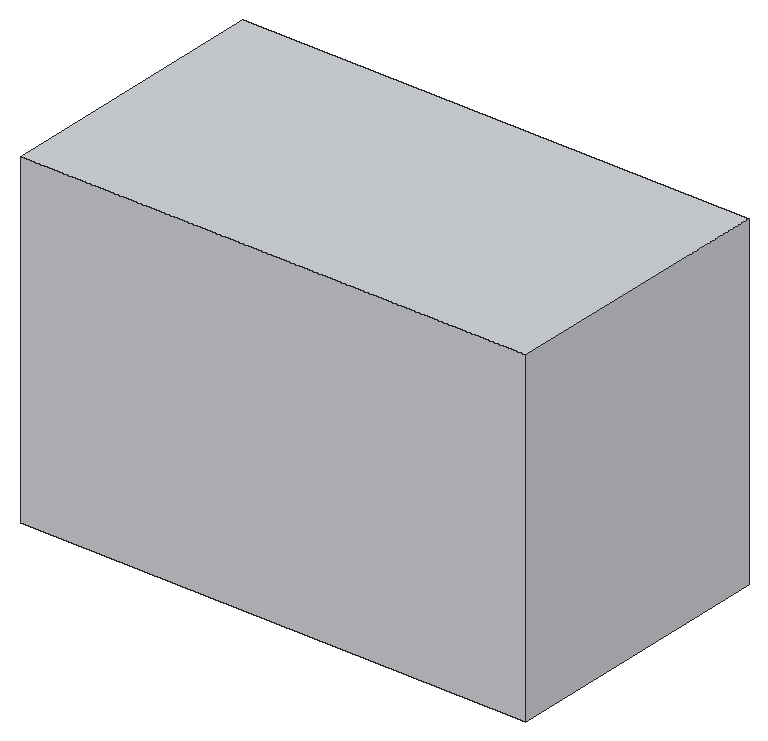
Revit family "CVC_CTA_VIM_CAD-HR-OPTIMAL-C4", category Equipement de génie climatique, Revit 2026
Family settings
  Cote de connecteur circulaire = Utiliser le diamètre
  Type d'élément = Normal
  Basée sur le plan de construction = Non
  Toujours verticalement = Oui
  Couper avec des vides une fois chargée = Non
  Conserver l'orientation des annotations = Non
  Partagée = Non
  Repère de localisation dans la pièce = Non
Parameters (values of type "CTA 4 - aile Sud zone fermée")
  Source = "CCTP lot 12 § 4.10"
  Modèle = "CAD HR OPTIMAL C4"
  Fabricant = "VIM"
  Elévation par défaut = 0 mm
  Description = "CTA double flux superposée, toiture, change-over"
  Caractéristiques CCTP = "1 170 m3/h"
  A vérifier = "Dimensions approximatives (2000x1100x1300 mm) : prendre la fiche VIM"
Types (4, lengths in mm): name | Caractéristiques CCTP
  CTA 1 - aile Nord zone ouverte | "2 520 m3/h"
  CTA 2 - aile Sud zone ouverte | "2 330 m3/h"
  CTA 3 - aile Nord zone fermée | "1 170 m3/h"
  CTA 4 - aile Sud zone fermée | "1 170 m3/h"
Reference planes
  plane 1 "Centre (avant/arrière)": y = 0
  plane 2: z = 0
  plane 3 "Centre (gauche/droite)": x = 0
Forms (mm)
  Extrusion 1, solid
    sketch origin (0, 0, 0) x (1, 0, 0) y (0, 1, 0)
      loop
        line (-1000, -550) -> (1000, -550) -> (1000, 550) -> (-1000, 550) -> (-1000, -550)
    from 0 to 1300
  Extrusion 2, solid
    sketch origin (0, 0, 1300) x (1, 0, 0) y (0, 1, 0)
      loop
        line (-800, -450) -> (-400, -450) -> (-400, -150) -> (-800, -150) -> (-800, -450)
    from 0 to 80
  Extrusion 3, solid
    sketch origin (0, 0, 1300) x (1, 0, 0) y (0, 1, 0)
      loop
        line (-800, 150) -> (-400, 150) -> (-400, 450) -> (-800, 450) -> (-800, 150)
    from 0 to 80
  Extrusion 4, solid
    sketch origin (0, 0, 1300) x (1, 0, 0) y (0, 1, 0)
      loop
        line (400, 150) -> (800, 150) -> (800, 450) -> (400, 450) -> (400, 150)
    from 0 to 80
  Extrusion 5, solid
    sketch origin (0, 0, 1300) x (1, 0, 0) y (0, 1, 0)
      loop
        line (400, -450) -> (800, -450) -> (800, -150) -> (400, -150) -> (400, -450)
    from 0 to 80
  Extrusion 6, solid
    sketch origin (0, 0, 1300) x (1, 0, 0) y (0, 1, 0)
      loop
        circle (0, -400) r 16
    from 0 to 60
  Extrusion 7, solid
    sketch origin (0, 0, 1300) x (1, 0, 0) y (0, 1, 0)
      loop
        circle (0, 400) r 16
    from 0 to 60
Dimensions and locks
  aligned and locked: level to plane 2
Connectors
  hvac at (-600, -300, 1380)
    settings: on Extrusion 2, index 1, duct flow 0.0 L/s, flow factor 0, pres drop 0.0 Pa, loss coef 0, conn angle 0.00°, conn width 400 mm, conn height 300 mm, conn diameter 609.6 mm, duct sys type 4, conn prof type 1, flow config 0, flow direction 0, loss method 0, conn ref index -1, conn util no, is conn primary yes, conn desc "Air neuf"
  hvac at (-600, 300, 1380)
    settings: on Extrusion 3, index 2, duct flow 0.0 L/s, flow factor 0, pres drop 0.0 Pa, loss coef 0, conn angle 0.00°, conn width 400 mm, conn height 300 mm, conn diameter 609.6 mm, duct sys type 1, conn prof type 1, flow config 0, flow direction 0, loss method 0, conn ref index -1, conn util no, is conn primary no, conn desc "Soufflage"
  hvac at (600, 300, 1380)
    settings: on Extrusion 4, index 3, duct flow 0.0 L/s, flow factor 0, pres drop 0.0 Pa, loss coef 0, conn angle 0.00°, conn width 400 mm, conn height 300 mm, conn diameter 609.6 mm, duct sys type 2, conn prof type 1, flow config 0, flow direction 0, loss method 0, conn ref index -1, conn util no, is conn primary no, conn desc "Reprise"
  hvac at (600, -300, 1380)
    settings: on Extrusion 5, index 4, duct flow 0.0 L/s, flow factor 0, pres drop 0.0 Pa, loss coef 0, conn angle 0.00°, conn width 400 mm, conn height 300 mm, conn diameter 609.6 mm, duct sys type 3, conn prof type 1, flow config 0, flow direction 0, loss method 0, conn ref index -1, conn util no, is conn primary no, conn desc "Rejet"
  piping at (0, -400, 1360), diameter 32
    settings: on Extrusion 6, index 5, connector inside diameter 609.6 mm, connector length 0 mm, flow factor 0, pipe flow 0.0 L/s, pressure drop 0.0 Pa, fitting loss kfactor 0, connector angle 0.00°, fixture units 0, engagement length 0 mm, angle of deflection 0.00°, flow configuration 0, flow direction 0, fitting loss method 0, system type 7, joint type 0, gender type 0, connector reference index -1, connector utility 0, adjustable connector no, is connector primary yes, connector description "Batterie depart"
  piping at (0, 400, 1360), diameter 32
    settings: on Extrusion 7, index 6, connector inside diameter 609.6 mm, connector length 0 mm, flow factor 0, pipe flow 0.0 L/s, pressure drop 0.0 Pa, fitting loss kfactor 0, connector angle 0.00°, fixture units 0, engagement length 0 mm, angle of deflection 0.00°, flow configuration 0, flow direction 0, fitting loss method 0, system type 8, joint type 0, gender type 0, connector reference index -1, connector utility 0, adjustable connector no, is connector primary no, connector description "Batterie retour"
